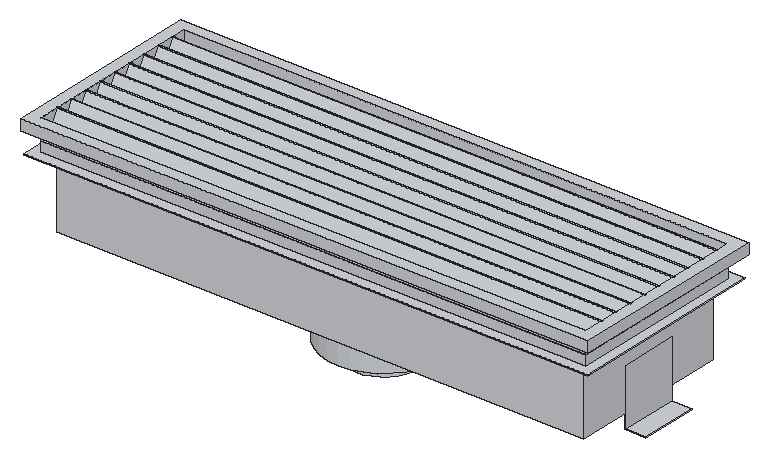
Revit family "TMHIN58-40", category Generic Models, host Face, Revit 2019
Family settings
  Host = Face
  Can host rebar = No
  Round Connector Dimension = Use Diameter
  Part Type = Normal
  Cut with Voids When Loaded = No
  Shared = No
  Room Calculation Point = No
Parameters
  Default Elevation = 48.00"
Reference planes (in)
  plane 1 "Center (Front/Back)": y = 0
  plane 2: z = 0
  plane 3 "Center (Left/Right)": x = 0
Forms (in)
  Extrusion 1, solid
    sketch origin (0, 0.25, 6.47688) x (0, 1, 0) y (0, 0, 1)
      loop
        line (4.90362, 1.35105) -> (5.06537, 1.63121)
        arc (5.06537, 1.63121) -> (5.04652, 1.70156) -> (4.97617, 1.68271) r 0.0515
        line (4.97617, 1.68271) -> (4.17959, 0.30299) -> (4.21077, 0.28499) -> (5.00735, 1.66471)
        arc (5.00735, 1.66471) -> (5.02852, 1.67038) -> (5.03419, 1.64921) r 0.0155
        line (5.03419, 1.64921) -> (4.87244, 1.36905) -> (4.90362, 1.35105)
      loop
        line (3.64737, 1.35105) -> (3.80912, 1.63121)
        arc (3.80912, 1.63121) -> (3.79027, 1.70156) -> (3.71992, 1.68271) r 0.0515
        line (3.71992, 1.68271) -> (2.92334, 0.30299) -> (2.95452, 0.28499) -> (3.7511, 1.66471)
        arc (3.7511, 1.66471) -> (3.77227, 1.67038) -> (3.77794, 1.64921) r 0.0155
        line (3.77794, 1.64921) -> (3.61619, 1.36905) -> (3.64737, 1.35105)
      loop
        line (2.39112, 1.35105) -> (2.55287, 1.63121)
        arc (2.55287, 1.63121) -> (2.53402, 1.70156) -> (2.46367, 1.68271) r 0.0515
        line (2.46367, 1.68271) -> (1.66709, 0.30299) -> (1.69827, 0.28499) -> (2.49485, 1.66471)
        arc (2.49485, 1.66471) -> (2.51602, 1.67038) -> (2.52169, 1.64921) r 0.0155
        line (2.52169, 1.64921) -> (2.35994, 1.36905) -> (2.39112, 1.35105)
      loop
        line (1.13487, 1.35105) -> (1.29662, 1.63121)
        arc (1.29662, 1.63121) -> (1.27777, 1.70156) -> (1.20742, 1.68271) r 0.0515
        line (1.20742, 1.68271) -> (0.41084, 0.30299) -> (0.44202, 0.28499) -> (1.2386, 1.66471)
        arc (1.2386, 1.66471) -> (1.25977, 1.67038) -> (1.26544, 1.64921) r 0.0155
        line (1.26544, 1.64921) -> (1.10369, 1.36905) -> (1.13487, 1.35105)
      loop
        line (-0.12138, 1.35105) -> (0.04037, 1.63121)
        arc (0.04037, 1.63121) -> (0.02152, 1.70156) -> (-0.04883, 1.68271) r 0.0515
        line (-0.04883, 1.68271) -> (-0.84541, 0.30299) -> (-0.81423, 0.28499) -> (-0.01765, 1.66471)
        arc (-0.01765, 1.66471) -> (0.00352, 1.67038) -> (0.00919, 1.64921) r 0.0155
        line (0.00919, 1.64921) -> (-0.15256, 1.36905) -> (-0.12138, 1.35105)
      loop
        line (-1.37763, 1.35105) -> (-1.21588, 1.63121)
        arc (-1.21588, 1.63121) -> (-1.23473, 1.70156) -> (-1.30508, 1.68271) r 0.0515
        line (-1.30508, 1.68271) -> (-2.10166, 0.30299) -> (-2.07048, 0.28499) -> (-1.2739, 1.66471)
        arc (-1.2739, 1.66471) -> (-1.25273, 1.67038) -> (-1.24706, 1.64921) r 0.0155
        line (-1.24706, 1.64921) -> (-1.40881, 1.36905) -> (-1.37763, 1.35105)
      loop
        line (-2.63388, 1.35105) -> (-2.47213, 1.63121)
        arc (-2.47213, 1.63121) -> (-2.49098, 1.70156) -> (-2.56133, 1.68271) r 0.0515
        line (-2.56133, 1.68271) -> (-3.35791, 0.30299) -> (-3.32673, 0.28499) -> (-2.53015, 1.66471)
        arc (-2.53015, 1.66471) -> (-2.50898, 1.67038) -> (-2.50331, 1.64921) r 0.0155
        line (-2.50331, 1.64921) -> (-2.66506, 1.36905) -> (-2.63388, 1.35105)
      loop
        line (-3.89013, 1.35105) -> (-3.72838, 1.63121)
        arc (-3.72838, 1.63121) -> (-3.74723, 1.70156) -> (-3.81758, 1.68271) r 0.0515
        line (-3.81758, 1.68271) -> (-4.61416, 0.30299) -> (-4.58298, 0.28499) -> (-3.7864, 1.66471)
        arc (-3.7864, 1.66471) -> (-3.76523, 1.67038) -> (-3.75956, 1.64921) r 0.0155
        line (-3.75956, 1.64921) -> (-3.92131, 1.36905) -> (-3.89013, 1.35105)
      loop
        line (-5.14638, 1.35105) -> (-4.98463, 1.63121)
        arc (-4.98463, 1.63121) -> (-5.00348, 1.70156) -> (-5.07383, 1.68271) r 0.0515
        line (-5.07383, 1.68271) -> (-5.87041, 0.30299) -> (-5.83923, 0.28499) -> (-5.04265, 1.66471)
        arc (-5.04265, 1.66471) -> (-5.02148, 1.67038) -> (-5.01581, 1.64921) r 0.0155
        line (-5.01581, 1.64921) -> (-5.17756, 1.36905) -> (-5.14638, 1.35105)
    from -18.95252 to 18.95716
  Extrusion 2, solid
    sketch origin (-69.20125, 31.17385, -0.07) x (1, 0, 0) y (0, 1, 0)
      loop
        line (49.45725, -24.21737) -> (49.45725, -38.15825) -> (88.94525, -38.15825) -> (88.94525, -24.21737) -> (49.45725, -24.21737)
      loop
        line (88.15842, -24.97318) -> (50.24874, -24.97318) -> (50.24874, -37.40244) -> (88.15842, -37.40244) -> (88.15842, -24.97318)
    from 7.51 to 8.26
  Extrusion 3, solid
    sketch origin (-69.20125, 31.17385, -0.07) x (1, 0, 0) y (0, 1, 0)
      loop
        line (88.16578, -25.00317) -> (50.23673, -25.00317) -> (50.23673, -37.34453) -> (88.16578, -37.34453) -> (88.16578, -25.00317)
    from 6.79 to 7.51
  Extrusion 4, solid
    sketch origin (-69.20125, 31.17385, -0.79) x (1, 0, 0) y (0, 1, 0)
      loop
        line (88.16578, -25.00317) -> (50.23673, -25.00317) -> (50.23673, -37.34453) -> (88.16578, -37.34453) -> (88.16578, -25.00317)
    from 6.79 to 7.51
  Extrusion 5, solid
    sketch origin (-69.20125, 31.17385, 0) x (1, 0, 0) y (0, 1, 0)
      loop
        line (88.80746, -24.31764) -> (49.59505, -24.31764) -> (49.59505, -38.03006) -> (88.80746, -38.03006) -> (88.80746, -24.31764)
    from 6 to 5.94
  Extrusion 6, solid
    sketch origin (-69.20125, 31.17385, -2.65) x (1, 0, 0) y (0, 1, 0)
      loop
        line (87.54109, -25.58999) -> (50.86142, -25.58999) -> (50.86142, -36.75771) -> (87.54109, -36.75771) -> (87.54109, -25.58999)
    from 8.65 to 3.65
  Extrusion 7, solid
    sketch origin (0, 0, 0) x (1, 0, 0) y (0, 1, 0)
      loop
        line (19.80383, 1.99999) -> (18.33983, 1.99999) -> (18.33983, -1.99999) -> (19.80383, -1.99999) -> (19.80383, 1.99999)
      loop
        line (-19.80383, 1.99999) -> (-19.80383, -1.99999) -> (-18.33983, -1.99999) -> (-18.33983, 1.99999) -> (-19.80383, 1.99999)
    from 0 to 0.06
  Extrusion 8, solid
    sketch origin (0, 0, 0) x (1, 0, 0) y (0, 1, 0)
      loop
        line (18.39983, 1.99999) -> (18.33983, 1.99999) -> (18.33983, -1.99999) -> (18.39983, -1.99999) -> (18.39983, 1.99999)
      loop
        line (-18.39983, 1.99999) -> (-18.39983, -1.99999) -> (-18.33983, -1.99999) -> (-18.33983, 1.99999) -> (-18.39983, 1.99999)
    from 0 to 4
  Extrusion 9, solid
    sketch origin (0, 0, 0) x (1, 0, 0) y (0, 1, 0)
      loop
        circle (0, 0) r 4
    from 1 to -1.59
  Extrusion 10, solid
    sketch origin (0, 0, 0) x (1, 0, 0) y (0, 1, 0)
      loop
        circle (0, 0) r 2.5
    from -1.59 to -2.65
Cuts and joins
  joined: Extrusion 7, Extrusion 8
Lines and regions (in)
  symbolic lines
    curve 1: line (95.99374, 156.28449, 0) -> (97.99374, 156.28449, 0)
Dimensions and locks (in)
  aligned and locked: plane 2 to host face
  aligned and locked: level to host face
Connectors (in)
  hvac at (0, 0, -2.65)
    settings: on Extrusion 10, index 1, duct flow 0 CFM, flow factor 0, pres drop 0.00 in-wg, loss coef 0, conn angle 0.00°, conn width 12", conn height 12", conn diameter 5", duct sys type 1, conn prof type 0, flow config 0, flow direction 0, loss method 0, conn ref index -1, conn util no, is conn primary yes, conn desc ""
  hvac at (0, 0, -1.59)
    settings: on Extrusion 9, index 2, duct flow 0 CFM, flow factor 0, pres drop 0.00 in-wg, loss coef 0, conn angle 0.00°, conn width 12", conn height 12", conn diameter 8", duct sys type 1, conn prof type 0, flow config 0, flow direction 0, loss method 0, conn ref index -1, conn util no, is conn primary no, conn desc ""
